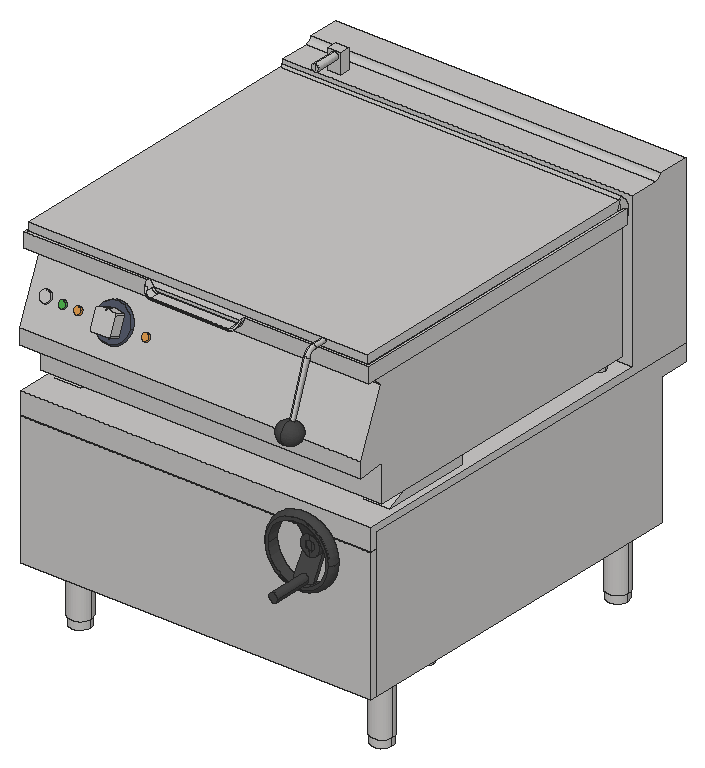
Revit family "QF_ZANUSSI_392423_Z9PPBSBAME", category Specialty Equipment, Revit 2018
Family settings
  Round Connector Dimension = Use Diameter
  Part Type = Normal
  Work Plane-Based = No
  Always vertical = Yes
  Cut with Voids When Loaded = No
  Shared = No
  Room Calculation Point = No
Parameters
  Width = 800 mm  # constant formula
  Weight in Pounds = 150  # constant formula
  Weight = 0.00 kg
  Watts = 250 VA  # 250 W
  Volts = 230 V  # constant formula
  URL Manufacturer = "http://www.zanussiprofessional.com"
  URL Cutsheet = "www.electrolux.com"
  URL = "http://www.zanussiprofessional.com"
  Type Mark [instance] = ""
  Steam Supply Size = 0"
  Steam Supply Minimum Pressure = 0.00 psi
  Steam Supply Maximum Pressure = 0.00 psi
  Steam Pounds per Hour = 0
  Status [instance] = ""
  Specification by User [instance] = ""
  Specification by Manufacturer = ""
  Show Logo [instance] = yes
  Show Clearance [instance] = yes
  Serial Number = ""
  Seismic Rating = ""
  SMACNA No = ""
  Revision Code [instance] = ""
  Refrigeration Suction Line Size = 0"
  Refrigeration Liquid Line Size = 0"
  Refrigerant Compressor Remote = yes
  Plumbing Remarks [instance] = ""
  Plumbing Connection Type [instance] = ""
  Phase = 1
  Omniclass Number and Title = ""
  Number of Poles [instance] = 1
  NAFEM Spec ID Number = ""
  Model = "Z9BRGHDOF0"
  Min Ckt Ampacity = 0 A
  Mechanical Remarks [instance] = ""
  Mechanical Connection Type [instance] = ""
  Max Overcurrent Protection = 0 A
  Masterspec = ""
  Manufacturer = "Zanussi"
  Length Actual = 800 mm  # constant formula
  Item Number [instance] = "392136"
  Installed By [instance] = ""
  Identify Quantity as Lot [instance] = yes
  Hot Water Size = 0"
  Height Actual = 850 mm  # constant formula
  Height = 850 mm  # constant formula
  HP = "0 HP"
  Gas Size = 12.7 mm  # 1/2"
  Gas RI Height [instance] = 0 mm
  Gas KW = 21  # constant formula
  Gas Input = 20980.7 VA  # 71589.0 Btu/h
  Gas Connection Height [instance] = 0 mm
  Furnished By [instance] = ""
  Foodservice Equipment Identifier [instance] = yes
  FL Amps = if(Phase = 3, Watts / (Volts * 1.73), Watts / Volts)  # 1.08696 A
  Electrical Remarks [instance] = "230 V/1N ph/50/60 Hz"  # constant formula
  Electric Connection Type [instance] = ""
  Elec Conn RI Height [instance] = 0 mm
  Elec Conn Connection Height [instance] = 0 mm
  Direct Waste Size = 0"
  Description = "80LT GAS BRAISING PAN-DUOMAT BOTTOM"
  Depth Actual = 900 mm  # constant formula
  Depth = 915 mm  # constant formula
  Cycle [instance] = if([60 Hertz Option], 60 Hz, 50 Hz)  # 60 Hz
  Conn Plug = ""
  Conn Conduit = yes
  Condensate Return Size = 0"
  Compressed Air Volume = 0 GPM
  Compressed Air Size = 0"
  Compressed Air Pressure = 0.00 psi
  Cold Water Temperature Recommended [instance] = -459.67 °F
  Cold Water Size = 3/4"
  Cold Water RI Height [instance] = 0 mm
  Cold Water Minimum Pressure = 0.00 psi
  Cold Water Maximum Pressure = 0.00 psi
  Cold Water Flow [instance] = 0 GPM
  Cold Water Consumption = ""
  Cold Water Connection Height = 0 mm
  CSI MasterFormat = ""
  CSI Master Format = ""
  Assembly Code = ""
  Apparent Power = if(Phase = 3, Volts * FL Amps * 1.73, Volts * FL Amps)  # 250 VA
  Accessory = yes
  60 Hertz Option [instance] = not([50 Hertz Option])  # yes
  50 Hertz Option [instance] = no
Reference planes
  plane 1 "BACK": y = 0
  plane 2: z = 0
  plane 3 "LEFT": x = 0
  plane 4 "RIGHT": x = 800
  plane 5 "FRONT": y = -915
  plane 6 "TOP": z = 898
  plane 7 "Center Y": x = 400
  plane 8 "Center X": y = -457.5
  plane 9 "Base": z = 149
  plane 10: z = 502.193
  plane 11: z = 1653
  plane 12: y = -125
  plane 13: y = -799
  plane 14: y = -1034
  plane 15: x = 55
  plane 16: y = -160.853
  plane 17: x = 745
  plane 18: y = -1014
  plane 19: y = -899.182
  plane 20: x = 786
  plane 21: z = 850
  plane 22 "Connection": z = 182
  plane 23: y = -706
  plane 24: x = 265
  plane 25: x = 105
  plane 26: x = 195
Forms (mm)
  Revolve 1, solid, material "QF_Finishes_Stainless Steel"
    sketch origin (0, -125, 0) x (1, 0, 0) y (0, 0, 1)
      loop
        line (55, 0) -> (55, 149) -> (29.6, 149) -> (29.6, 19.05) -> (32.1, 19.05) -> (32.1, 0) -> (55, 0)
      axis (55, 0) -> (55, 149)
    angle from 0 to 360
  Revolve 2, solid, material "QF_Finishes_Stainless Steel"
    sketch origin (0, -799, 0) x (1, 0, 0) y (0, 0, 1)
      loop
        line (55, 0) -> (55, 149) -> (29.6, 149) -> (29.6, 19.05) -> (32.1, 19.05) -> (32.1, 0) -> (55, 0)
      axis (55, 0) -> (55, 149)
    angle from 0 to 360
  Extrusion 3, solid, material "QF_Finishes_Stainless Steel"
    sketch origin (0, -214.682, 0) x (0, 1, 0) y (0, 0, 1)
      loop
        line (214.682, 487.193) -> (214.682, 866.248) -> (143.055, 866.248)
        arc (143.055, 866.248) -> (139.432, 857.502) -> (130.686, 853.88) r 12.368
        line (130.686, 853.88) -> (64.682, 853.88) -> (64.682, 502.193) -> (-684.5, 502.193) -> (-684.5, 452.193) -> (-669.5, 452.193) -> (-669.5, 487.193) -> (214.682, 487.193)
      loop
        line (-669.5, 149) -> (-669.5, 451.193) -> (-684.5, 451.193) -> (-684.5, 149) -> (-669.5, 149)
    from 0 to 800
  Extrusion 4, solid, material "QF_Finishes_Stainless Steel"
    sketch origin (0, -214.682, 0) x (0, 1, 0) y (0, 0, 1)
      loop
        line (44.029, 528.406) -> (44.029, 817.127) -> (-678.5, 817.127) -> (-678.5, 809.681) -> (-643.264, 774.446) -> (-700.318, 641.094) -> (-700.318, 606.094) -> (-640.765, 613.406) -> (-640.765, 528.406) -> (44.029, 528.406)
    from 10 to 790
  Sweep 5, solid, material "QF_Finishes_Stainless Steel"
    path origin (0, -204.882, 145) x (-1, 0, 0) y (0, -1, 0)
      loop
        line (-290, 694.3) -> (-5, 694.3) -> (-5, -44.029) -> (-795, -44.029) -> (-795, 694.3) -> (-510, 694.3)
    profile origin (652.5, -899.182, 145) x (0, -1, 0) y (0, 0, 1)
      loop
        line (-5, 651.359) -> (0, 651.359) -> (0, 685.301) -> (-6, 685.301) -> (-6, 681.062) -> (-5, 681.062) -> (-5, 651.359)
  Extrusion 6, solid, material "QF_Finishes_Stainless Steel"
    sketch origin (0, -214.682, -5) x (0, 1, 0) y (0, 0, 1)
      loop
        line (33.715, 835.301) -> (42.572, 855) -> (-677.138, 855) -> (-677.138, 835.301) -> (33.715, 835.301)
      loop
        arc (64.305, 837.022) -> (57.071, 850.749) -> (45.92, 861.539) r 49.182
        line (45.92, 861.539) -> (39.069, 846.301) -> (45.904, 846.301) -> (45.904, 832.604) -> (64.305, 814.204) -> (64.305, 837.022)
    from 12.363 to 787.637
  Extrusion 7, solid, material "QF_Finishes_Stainless Steel"
    sketch origin (0, -214.682, 0) x (0, 1, 0) y (0, 0, 1)
      loop
        line (-403.818, 528.406) -> (-556.057, 528.406) -> (-609.801, 502.193) -> (-403.818, 502.193) -> (-403.818, 528.406)
    from 16.63 to 76.513
  Extrusion 8, solid, material "QF_Finishes_Stainless Steel"
    sketch origin (0, -207.182, 150) x (-1, 0, 0) y (0, -1, 0)
      loop
        circle (-46.571, -17.496) r 15
      loop
        circle (-753.429, -17.496) r 15
    from 352.193 to 383.406
  Extrusion 9, solid, material "QF_Finishes_Stainless Steel"
    sketch origin (0, -64.682, 0) x (0, 1, 0) y (0, 0, 1)
      loop
        line (-43.387, 853.88) -> (-43.387, 898) -> (-67.444, 898) -> (-67.444, 853.88) -> (-43.387, 853.88)
    from 87.469 to 116.843
  Revolve 10, solid, material "QF_Finishes_Stainless Steel"
    sketch origin (103.25, -64.682, 0) x (0, 1, 0) y (0, 0, 1)
      loop
        line (-67.444, 888.097) -> (-67.444, 896.222) -> (-123.629, 896.222) -> (-123.629, 888.097) -> (-67.444, 888.097)
      axis (-123.629, 888.097) -> (-67.444, 888.097)
    angle from 0 to 360
  Extrusion 11, solid, material "QF_Clearances", visible <- "Show Clearance", detail levels coarse
    sketch origin (0, -214.682, 0) x (1, 0, 0) y (0, 1, 0)
      loop
        line (800, 214.682) -> (800, -700.318) -> (850, -700.318) -> (850, 264.682) -> (-50, 264.682) -> (-50, -700.318) -> (0, -700.318) -> (0, 214.682) -> (800, 214.682)
    from 0 to 898
  Extrusion 12, solid, material "QF_Finishes_Stainless Steel"
    sketch origin (800, 0, 0) x (0, 1, 0) y (0, 0, 1)
      loop
        line (-884.182, 149) -> (-69, 149) -> (-69, 448) -> (0, 448) -> (0, 487.193) -> (-884.182, 487.193) -> (-884.182, 149)
    from 0 to -800
  Revolve 13, solid, material "QF_Finishes_Stainless Steel"
    sketch origin (1000, -125, 0) x (-1, 0, 0) y (0, 0, -1)
      loop
        line (255, 0) -> (232.1, 0) -> (232.1, -19.05) -> (229.6, -19.05) -> (229.6, -149) -> (255, -149) -> (255, 0)
      axis (255, 0) -> (255, -149)
    angle from 0 to 360
  Revolve 14, solid, material "QF_Finishes_Stainless Steel"
    sketch origin (1000, -799, 0) x (-1, 0, 0) y (0, 0, -1)
      loop
        line (255, 0) -> (232.1, 0) -> (232.1, -19.05) -> (229.6, -19.05) -> (229.6, -149) -> (255, -149) -> (255, 0)
      axis (255, 0) -> (255, -149)
    angle from 0 to 360
  Sweep 15, solid, material "QF_Finishes_Stainless Steel"
    path origin (8.84, -214.682, -10) x (0, 1, 0) y (0, 0, 1)
      loop
        line (-677.138, 852.831) -> (-705.492, 852.831)
        arc (-705.492, 852.831) -> (-716.963, 849.214) -> (-724.286, 839.672) r 20
        line (-724.286, 839.672) -> (-765.322, 726.924)
    profile origin (8.84, -905.997, 842.831) x (0, 0, -1) y (1, 0, 0)
      loop
        circle (0, 676.16) r 5
  Revolve 16, solid, material "QF_Finishes_Black"
    sketch origin (685, -194.682, 0) x (0, 1, 0) y (0, 0, 1)
      loop
        line (-785.322, 716.924) -> (-792.738, 719.623)
        arc (-792.738, 719.623) -> (-818.978, 701.075) -> (-800.713, 674.638) r 22.845
        line (-800.713, 674.638) -> (-785.322, 716.924)
      axis (-785.322, 716.924) -> (-800.713, 674.638)
    angle from 0 to 360
  Extrusion 17, solid, material "QF_Finishes_Stainless Steel"
    sketch origin (800, -69, 149) x (-1, 0, 0) y (0, 1, 0)
      loop
        circle (14, -649.182) r 12.7
    from 0 to 5
  Extrusion 18, solid, material "QF_Finishes_Stainless Steel"
    sketch origin (-3.75, -899.182, 149) x (0, 0, 1) y (-1, 0, 0)
      loop
        circle (289.443, -688.75) r 30
    from 0 to 5
  Extrusion 19, solid, material "QF_Finishes_Stainless Steel"
    sketch origin (800, -214.682, 0) x (0, 1, 0) y (0, 0, -1)
      loop
        line (-403.818, -528.406) -> (-403.818, -502.193) -> (-609.801, -502.193) -> (-556.057, -528.406) -> (-403.818, -528.406)
    from 16.63 to 76.513
  Extrusion 20, solid, material "QF_Finishes_Stainless Steel"
    sketch origin (0, 0, 182) x (-1, 0, 0) y (0, -1, 0)
      loop
        circle (-105, 706) r 6.35
    from 0 to 45
  Extrusion 21, solid, material "QF_Finishes_Stainless Steel"
    sketch origin (21.213, 21.213, 182) x (-1, 0, 0) y (0, -1, 0)
      loop
        circle (-173.787, 719.213) r 6.35
    from 0 to 45
  Extrusion 22, solid, material "QF_Finishes_Stainless Steel"
    sketch origin (130, 0, 182) x (-1, 0, 0) y (0, -1, 0)
      loop
        circle (-135, 706) r 6.35
    from 0 to 45
  Revolve 23, solid, material "QF_Finishes_Black"
    sketch origin (685, -200.682, -28.57) x (0, 1, 0) y (0, 0, 1)
      loop
        line (-698.5, 467.193) -> (-698.5, 477.193) -> (-713.5, 477.193) -> (-713.5, 482.193) -> (-718.5, 482.193) -> (-718.5, 489.514) -> (-728.5, 489.514) -> (-728.5, 478.353) -> (-727.138, 478.353) -> (-727.138, 467.193) -> (-698.5, 467.193)
      axis (-698.5, 467.193) -> (-728.5, 467.193)
    angle from 0 to 360
  Sweep 24, solid, material "QF_Finishes_Black"
    path origin (10, -200.682, -28.57) x (1, 0, 0) y (0, 0, 1)
      loop
        circle (675, 467.193) r 80
    profile origin (685, -200.682, 518.623) x (0, 0, -1) y (0, -1, 0)
      loop
        arc (7.394, 765.784) -> (0.586, 756.102) -> (1.641, 744.313) r 17.21
        line (1.641, 744.313) -> (7.394, 740.784) -> (14.116, 740.784) -> (14.116, 765.784) -> (7.394, 765.784)
  Extrusion 25, solid, material "QF_Finishes_Black"
    sketch origin (10, -200.682, -28.57) x (0, 1, 0) y (0, 0, 1)
      loop
        line (-713.5, 457.193) -> (-713.5, 477.193) -> (-744.313, 533.065) -> (-751.622, 533.065) -> (-719.104, 474.103) -> (-719.104, 460.284) -> (-751.622, 401.321) -> (-744.313, 401.321) -> (-713.5, 457.193)
    from 654.029 to 698.392
  Extrusion 26, solid, material "QF_Finishes_Black"
    sketch origin (10, -200.682, -28.57) x (1, 0, 0) y (0, 0, 1)
      loop
        circle (675, 406.31) r 10
    from 742.86 to 833.318
  Extrusion 27, solid, material "QF_Finishes_Stainless Steel"
    sketch origin (0, -201.682, -15.905) x (1, 0, 0) y (0, 0, 1)
      loop
        line (509.996, 839.805) -> (509.996, 846.205) -> (502.677, 833.527)
        arc (502.677, 833.527) -> (496.674, 827.524) -> (488.474, 825.327) r 16.4
        line (488.474, 825.327) -> (311.526, 825.327)
        arc (311.526, 825.327) -> (303.32, 827.526) -> (297.312, 833.534) r 16.413
        line (297.312, 833.534) -> (289.996, 846.205) -> (289.996, 839.805) -> (294.541, 831.934)
        arc (294.541, 831.934) -> (301.72, 824.755) -> (311.526, 822.127) r 19.613
        line (311.526, 822.127) -> (488.474, 822.127)
        arc (488.474, 822.127) -> (498.274, 824.753) -> (505.448, 831.927) r 19.6
        line (505.448, 831.927) -> (509.996, 839.805)
    from 697.5 to 717.595
  Extrusion 28, void
    sketch origin (900, 188.397, 1219.2) x (0, -1, 0) y (0, 0, 1)
      loop
        line (1110.167, -415.736) -> (1110.167, -387.945) -> (1093.05, -387.945) -> (1110.167, -415.736)
    from 390 to 610
  Extrusion 29, solid, material "QF_Finishes_Orange"
    sketch origin (9.372, -901.482, 672.689) x (0, 0.393353, 0.919387) y (-1, 0, 0)
      loop
        circle (34.513, -113.251) r 8
    from 0 to 3.175
  Extrusion 30, solid, material "QF_Finishes_Green"
    sketch origin (14.068, -901.51, 672.624) x (0, 0.393353, 0.919387) y (-1, 0, 0)
      loop
        circle (34.513, -73.251) r 8
    from 0 to 3.175
  Extrusion 31, solid, material "QF_Finishes_Stainless Steel"
    sketch origin (10.937, -915, 641.094) x (0, 0.393353, 0.919387) y (-1, 0, 0)
      loop
        circle (71.473, -36.635) r 12.7
    from 0 to 3.2
  Extrusion 32, solid, material "QF_Finishes_Orange"
    sketch origin (164.372, -901.482, 672.689) x (0, 0.393353, 0.919387) y (-1, 0, 0)
      loop
        circle (34.513, -113.251) r 8
    from 0 to 3.175
  Extrusion 33, solid, material "QF_Clearances", visible <- "Show Clearance", detail levels coarse
    sketch origin (0, -996.643, 709.193) x (0, 0.238373, -0.971174) y (0, 0.971174, 0.238373)
      loop
        line (33.715, 835.301) -> (42.572, 855) -> (-677.138, 855) -> (-677.138, 835.301) -> (33.715, 835.301)
      loop
        arc (64.305, 837.022) -> (57.071, 850.749) -> (45.92, 861.539) r 49.182
        line (45.92, 861.539) -> (39.069, 846.301) -> (45.904, 846.301) -> (45.904, 832.604) -> (64.305, 814.204) -> (64.305, 837.022)
    from 12.363 to 787.637
  Sweep 34, solid, material "QF_Clearances", visible <- "Show Clearance", detail levels coarse
    path origin (8.84, -1001.499, 708.002) x (0, 0.238373, -0.971174) y (0, 0.971174, 0.238373)
      loop
        line (-677.138, 852.831) -> (-705.492, 852.831)
        arc (-705.492, 852.831) -> (-716.963, 849.214) -> (-724.286, 839.672) r 20
        line (-724.286, 839.672) -> (-765.322, 726.924)
    profile origin (8.84, -338.043, 1582.68) x (0, -0.971174, -0.238373) y (1, 0, 0)
      loop
        circle (0, 676.16) r 5
  Revolve 35, solid, material "QF_Clearances", visible <- "Show Clearance", detail levels coarse
    sketch origin (685, -987.02, 690.962) x (0, 0.238373, -0.971174) y (0, 0.971174, 0.238373)
      loop
        line (-785.322, 716.924) -> (-792.738, 719.623)
        arc (-792.738, 719.623) -> (-818.978, 701.075) -> (-800.713, 674.638) r 22.845
        line (-800.713, 674.638) -> (-785.322, 716.924)
      axis (-785.322, 716.924) -> (-800.713, 674.638)
    angle from 0 to 360
  Extrusion 36, solid, material "QF_Finishes_Stainless Steel"
    sketch origin (290, -899.182, 830.301) x (-1, 0, 0) y (0, 0, -1)
      loop
        line (0.004, 33.941) -> (-220, 33.941) -> (-220, -0.006) -> (-212.677, 12.678)
        arc (-212.677, 12.678) -> (-206.674, 18.681) -> (-198.474, 20.878) r 16.4
        line (-198.474, 20.878) -> (-21.526, 20.878)
        arc (-21.526, 20.878) -> (-13.32, 18.679) -> (-7.312, 12.672) r 16.413
        line (-7.312, 12.672) -> (0.004, 0) -> (0.004, 33.941)
    from 0 to -6
  Extrusion 37, solid, material "QF_Plastic-Black-Matte"
    sketch origin (145.417, -886.473, 707.77) x (0, 0.393353, 0.919387) y (0, 0.919387, -0.393353)
      loop
        line (26.984, -34) -> (23.984, -34) -> (23.984, -35) -> (26.984, -35)
        arc (26.984, -35) -> (27.691, -34.707) -> (27.984, -34) r 1
        line (27.984, -34) -> (27.984, -19) -> (26.984, -19) -> (26.984, -34)
    from -58.5 to -56.5
  Extrusion 38, solid, material "QF_Finishes_Stainless Steel"
    sketch origin (202.917, -886.473, 707.77) x (-1, 0, 0) y (0, -0.393353, -0.919387)
      loop
        line (17.5, -17.5) -> (17.5, 17.5) -> (-17.5, 17.5) -> (-17.5, -17.5) -> (17.5, -17.5)
    from 5 to 10
  Extrusion 39, solid, material "QF_Finishes_Stainless Steel"
    sketch origin (202.917, -886.473, 707.77) x (-1, 0, 0) y (0, -0.393353, -0.919387)
      loop
        arc (-21.147, -22.789) -> (0, -26.984) -> (21.147, -22.789) r 55.4
        arc (21.147, -22.789) -> (22.494, -21.685) -> (23, -20.019) r 2.997
        line (23, -20.019) -> (23, 20.019)
        arc (23, 20.019) -> (22.122, 22.138) -> (20.003, 23.016) r 2.997
        line (20.003, 23.016) -> (-20.003, 23.016)
        arc (-20.003, 23.016) -> (-22.122, 22.138) -> (-23, 20.019) r 2.997
        line (-23, 20.019) -> (-23, -20.019)
        arc (-23, -20.019) -> (-22.494, -21.685) -> (-21.147, -22.789) r 2.997
    from 10 to 34
  Blend 40, solid, material "QF_Finishes_Navy Blue"
    base sketch origin (202.917, -886.473, 707.77) x (1, 0, 0) y (0, 0.393353, 0.919387)
      loop
        circle (0, 0) r 42.5
    top sketch origin (202.917, -886.473, 707.77) x (1, 0, 0) y (0, 0.393353, 0.919387)
      loop
        circle (0, 0) r 40.5
    from 0 to 5
Cuts and joins
  Extrusion 28 cuts Extrusion 27
  joined: Sweep 5, Extrusion 27, Extrusion 36
Lines and regions (mm)
  Split face 1
    outline origin (202.917, -891.07, 709.737) x (1, 0, 0) y (0, 0.393353, 0.919387)
      loop
        arc (-0.521, 36.501) -> (-26.491, 26.394) -> (-37.708, 0.884) r 36.411
        line (-37.708, 0.884) -> (-31.708, 0.884)
        arc (-31.708, 0.884) -> (-21.998, 23.844) -> (-0.521, 36.501) r 39.733
  Split face 2
    outline origin (202.917, -891.07, 709.737) x (1, 0, 0) y (0, 0.393353, 0.919387)
      loop
        circle (-30.633, -14.752) r 1.5
  Split face 3
    outline origin (202.917, -891.07, 709.737) x (1, 0, 0) y (0, 0.393353, 0.919387)
      loop
        circle (-21.199, -26.582) r 1.5
  Split face 4
    outline origin (202.917, -891.07, 709.737) x (1, 0, 0) y (0, 0.393353, 0.919387)
      loop
        circle (-7.566, -33.148) r 1.5
  Split face 5
    outline origin (202.917, -891.07, 709.737) x (1, 0, 0) y (0, 0.393353, 0.919387)
      loop
        circle (7.566, -33.148) r 1.5
  Split face 6
    outline origin (202.917, -891.07, 709.737) x (1, 0, 0) y (0, 0.393353, 0.919387)
      loop
        circle (21.199, -26.582) r 1.5
  Split face 7
    outline origin (202.917, -891.07, 709.737) x (1, 0, 0) y (0, 0.393353, 0.919387)
      loop
        circle (30.633, -14.752) r 1.5
  Split face 8
    outline origin (202.917, -891.07, 709.737) x (1, 0, 0) y (0, 0.393353, 0.919387)
      loop
        circle (34, 0) r 1.5
  Split face 9
    outline origin (202.917, -891.07, 709.737) x (1, 0, 0) y (0, -0.393353, -0.919387)
      loop
        circle (30.633, -14.752) r 1.5
  Split face 10
    outline origin (202.917, -891.07, 709.737) x (1, 0, 0) y (0, -0.393353, -0.919387)
      loop
        circle (21.199, -26.582) r 1.5
  symbolic lines
    curve 1: line (10, -915, 149) -> (179.917, -915, 149)
    curve 2: line (0, -899.182, 149) -> (280.622, -899.182, 149)
    curve 3: line (5, -160.853, 149) -> (5, -899.182, 149)
    curve 4: line (0, 0, 149) -> (0, -899.182, 149)
    curve 5: line (800, -899.182, 149) -> (800, 0, 149)
    curve 6: line (5, -160.853, 149) -> (95.125, -160.853, 149)
    curve 7: line (789, -171.653, 149) -> (111.375, -171.653, 149)
    curve 8: line (0, -71.628, 149) -> (800, -71.628, 149)
    curve 9: line (111.375, -160.853, 149) -> (795, -160.853, 149)
    curve 10: line (95.125, -172.111, 149) -> (12.363, -172.111, 149)
    curve 11: line (90.942, -172.111, 149) -> (90.942, -192.672, 149)
    curve 12: line (117.192, -171.653, 149) -> (117.192, -192.672, 149)
    curve 13: arc (90.942, -192.672, 149) -> (104.067, -205.797, 149) -> (117.192, -192.672, 149) r 13.125
    curve 14: line (504.543, -915, 149) -> (680, -915, 149)
    curve 15: line (12.363, -891.82, 149) -> (787.637, -891.82, 149)
    curve 16: line (0, 0, 149) -> (800, 0, 149)
    curve 20: line (680, -980.005, 149) -> (680, -891.82, 149)
    curve 21: line (690, -980.005, 149) -> (690, -891.82, 149)
    curve 22: spline (685, -987.42, 149) -> (686.603, -987.265, 149) -> (688.14, -986.808, 149) -> (689.545, -986.066, 149) -> (690.761, -985.072, 149) -> (691.737, -983.866, 149) -> (692.431, -982.499, 149) -> (692.815, -981.028, 149) -> (692.874, -979.515, 149) -> (692.604, -978.022, 149) -> (692.016, -976.611, 149) -> (691.136, -975.342, 149) -> (690, -974.268, 149)
    curve 23: spline (690, -980.005, 149) -> (689.957, -980.618, 149) -> (689.83, -981.221, 149) -> (689.619, -981.803, 149) -> (689.33, -982.354, 149) -> (688.967, -982.865, 149) -> (688.536, -983.327, 149) -> (688.044, -983.732, 149) -> (687.5, -984.074, 149) -> (686.913, -984.345, 149) -> (686.294, -984.543, 149) -> (685.653, -984.663, 149) -> (685, -984.703, 149)
    curve 24: spline (685, -984.703, 149) -> (684.347, -984.663, 149) -> (683.706, -984.543, 149) -> (683.087, -984.345, 149) -> (682.5, -984.074, 149) -> (681.956, -983.732, 149) -> (681.464, -983.327, 149) -> (681.033, -982.865, 149) -> (680.67, -982.354, 149) -> (680.381, -981.803, 149) -> (680.17, -981.221, 149) -> (680.043, -980.618, 149) -> (680, -980.005, 149)
    curve 25: spline (680, -974.268, 149) -> (678.864, -975.342, 149) -> (677.984, -976.611, 149) -> (677.396, -978.022, 149) -> (677.126, -979.515, 149) -> (677.185, -981.028, 149) -> (677.569, -982.499, 149) -> (678.263, -983.866, 149) -> (679.239, -985.072, 149) -> (680.455, -986.066, 149) -> (681.86, -986.808, 149) -> (683.397, -987.265, 149) -> (685, -987.42, 149)
    curve 26: line (95.125, -188.311, 149) -> (111.375, -188.311, 149)
    curve 27: line (95.125, -132.127, 149) -> (95.125, -188.311, 149)
    curve 28: line (111.375, -188.311, 149) -> (111.375, -132.127, 149)
    curve 29: line (87.469, -132.127, 149) -> (116.843, -132.127, 149)
    curve 30: line (87.469, -108.069, 149) -> (87.469, -132.127, 149)
    curve 31: line (116.843, -108.069, 149) -> (87.469, -108.069, 149)
    curve 32: line (116.843, -132.127, 149) -> (116.843, -108.069, 149)
    curve 33: arc (680, -961.314, 149) -> (685, -1014, 149) -> (690, -961.314, 149) r 26.58
    curve 34: line (695, -1034, 182) -> (695, -1012.047, 182)
    curve 35: line (675, -1034, 182) -> (675, -1012.047, 182)
    curve 36: line (675, -1034, 182) -> (695, -1034, 182)
    curve 37: line (757.606, -966.466, 182) -> (701.354, -966.466, 182)
    curve 38: line (612.394, -941.466, 182) -> (680, -941.466, 182)
    curve 39: line (606.641, -944.996, 182) -> (680, -944.996, 182)
    curve 40: arc (763.359, -944.996, 182) -> (764.431, -956.789, 182) -> (757.606, -966.466, 182) r 17.151
    curve 41: line (757.606, -941.466, 182) -> (763.359, -944.996, 182)
    curve 42: line (708.392, -915, 182) -> (708.392, -941.466, 182)
    curve 43: line (664.029, -941.466, 182) -> (664.029, -915, 182)
    curve 44: arc (606.641, -944.996, 182) -> (605.569, -956.789, 182) -> (612.394, -966.466, 182) r 17.151
    curve 45: line (612.394, -941.466, 182) -> (606.641, -944.996, 182)
    curve 46: line (690, -944.996, 182) -> (763.359, -944.996, 182)
    curve 47: line (690, -941.466, 182) -> (757.606, -941.466, 182)
    curve 48: line (612.394, -966.466, 182) -> (668.646, -966.466, 182)
    curve 49: line (0, -150, 182) -> (95.125, -150, 182)
    curve 50: line (800, -150, 182) -> (111.375, -150, 182)
    curve 51: line (12.363, -891.82, 149) -> (12.363, -172.111, 149)
    curve 52: line (787.637, -891.82, 149) -> (787.637, -171.653, 149)
    curve 53: line (790, -915, 182) -> (790, -899.182, 182)
    curve 54: line (10, -899.182, 182) -> (10, -915, 182)
    curve 55: line (795, -160.853, 149) -> (795, -899.182, 149)
    curve 56: line (225.917, -915, 149) -> (295.414, -915, 149)
    curve 57: line (519.371, -899.182, 182) -> (505.448, -914.035, 182)
    curve 58: spline (505.442, -914.033, 182) -> (504.902, -914.595, 182) -> (504.301, -915.14, 182) -> (503.641, -915.666, 182) -> (502.924, -916.17, 182) -> (502.153, -916.653, 182) -> (501.331, -917.111, 182) -> (500.459, -917.544, 182) -> (499.542, -917.95, 182) -> (498.582, -918.327, 182) -> (497.581, -918.675, 182) -> (496.544, -918.992, 182) -> (495.475, -919.277, 182)
    curve 59: line (304.523, -919.277, 182) -> (495.475, -919.277, 182)
    curve 60: line (294.541, -914.031, 182) -> (280.622, -899.182, 182)
    curve 61: spline (304.523, -919.277, 182) -> (303.452, -918.992, 182) -> (302.414, -918.675, 182) -> (301.413, -918.327, 182) -> (300.452, -917.949, 182) -> (299.534, -917.543, 182) -> (298.662, -917.11, 182) -> (297.838, -916.651, 182) -> (297.067, -916.168, 182) -> (296.35, -915.663, 182) -> (295.689, -915.137, 182) -> (295.087, -914.592, 182) -> (294.547, -914.029, 182)
    curve 62: line (519.371, -899.182, 149) -> (680, -899.182, 149)
    curve 63: line (690, -899.182, 149) -> (800, -899.182, 149)
    curve 64: line (690, -915, 149) -> (790, -915, 149)
    curve 65: line (179.917, -899.196, 0) -> (179.917, -925.453, 0)
    curve 66: arc (179.917, -925.453, 0) -> (180.063, -925.917, 0) -> (180.449, -926.213, 0) r 0.809
    curve 67: arc (180.449, -926.213, 0) -> (181.637, -926.693, 0) -> (182.915, -926.786, 0) r 4.127
    curve 68: arc (179.917, -910.086, 0) -> (180.419, -909.365, 0) -> (181.217, -908.995, 0) r 1.682
    curve 69: arc (181.217, -908.995, 0) -> (191.519, -907.497, 0) -> (201.917, -906.988, 0) r 109.079
    curve 70: line (201.917, -899.182, 0) -> (201.917, -909.218, 0)
    curve 71: line (201.917, -909.218, 0) -> (203.917, -909.218, 0)
    curve 72: line (203.917, -909.218, 0) -> (203.917, -899.218, 0)
    curve 73: line (225.917, -899.182, 0) -> (225.917, -925.453, 0)
    curve 74: arc (225.917, -925.453, 0) -> (225.771, -925.917, 0) -> (225.385, -926.213, 0) r 0.809
    curve 75: arc (225.385, -926.213, 0) -> (224.197, -926.693, 0) -> (222.92, -926.786, 0) r 4.127
    curve 76: arc (225.917, -910.086, 0) -> (225.415, -909.365, 0) -> (224.618, -908.995, 0) r 1.682
    curve 77: arc (224.618, -908.995, 0) -> (214.315, -907.497, 0) -> (203.917, -906.988, 0) r 109.079
    curve 78: line (182.915, -926.786, 0) -> (222.92, -926.786, 0)
    curve 79: spline (225.917, -904.183, 0) -> (227.104, -903.848, 0) -> (228.259, -903.497, 0) -> (229.381, -903.13, 0) -> (230.469, -902.747, 0) -> (231.521, -902.348, 0) -> (232.535, -901.936, 0) -> (233.512, -901.509, 0) -> (234.448, -901.068, 0) -> (235.344, -900.615, 0) -> (236.197, -900.149, 0) -> (237.007, -899.671, 0) -> (237.773, -899.182, 0)
    curve 80: spline (168.061, -899.182, 0) -> (168.827, -899.671, 0) -> (169.637, -900.149, 0) -> (170.491, -900.615, 0) -> (171.386, -901.068, 0) -> (172.323, -901.509, 0) -> (173.299, -901.936, 0) -> (174.314, -902.348, 0) -> (175.366, -902.747, 0) -> (176.453, -903.13, 0) -> (177.576, -903.497, 0) -> (178.731, -903.848, 0) -> (179.917, -904.183, 0)
  symbolic lines, style "QF_Clearances", visible <- "Show Clearance", detail levels coarse
    curve 17: line (-50, 50, 150) -> (-50, -918.182, 150)
    curve 18: line (850, 50, 150) -> (850, -915, 150)
    curve 19: line (850, 50, 150) -> (-50, 50, 150)
Dimensions and locks
  equal spacing: plane 3 "LEFT", plane 7 "Center Y", plane 4 "RIGHT"
  "Width": plane 3 "LEFT" to plane 4 "RIGHT"
  equal spacing: plane 5 "FRONT", plane 8 "Center X", plane 1 "BACK"
  "Depth": plane 5 "FRONT" to plane 1 "BACK"
  "Height": plane 21 to level
  plane 9 "Base" to level = 149 mm
  plane 11 to level = 1653 mm
  plane 11 to plane 2 = 1653 mm
  plane 9 "Base" to plane 2 = 149 mm
  plane 13 to plane 12 = 674 mm
  plane 5 "FRONT" to plane 1 "BACK" = 915 mm
  plane 1 "BACK" to plane 14 = 1034 mm  (x2)
  plane 6 "TOP" to plane 2 = 898 mm
  plane 14 to plane 1 "BACK" = 1034 mm
  plane 4 "RIGHT" to plane 17 to plane 15 to plane 3 "LEFT" = 55 mm, 690 mm, 55 mm
  plane 1 "BACK" to plane 18 = 1014 mm
  Extrusion 12 to plane 1 "BACK" = 69 mm
  Extrusion 6 to plane 9 "Base" = 701 mm
  plane 2 to Extrusion 12 = 448 mm
  Extrusion 3 to plane 13 = 100.182 mm
  plane 12 to Extrusion 12 = 56 mm
  plane 4 "RIGHT" to plane 20 = 14 mm
  plane 21 to plane 9 "Base" to level = 701 mm, 149 mm
  plane 1 "BACK" to Extrusion 12 = 69 mm
  Extrusion 12 to plane 12 = 56 mm
  plane 12 to plane 13 = 674 mm
  plane 13 to Extrusion 3 = 100.182 mm
  Extrusion 12 to level = 448 mm
  plane 6 "TOP" to level = 898 mm
  plane 22 "Connection" to level = 182 mm
  plane 1 "BACK" to plane 23 = 706 mm
  plane 3 "LEFT" to Extrusion 20 sketch curve = 105 mm
  Extrusion 21 sketch curve to plane 1 "BACK" = 698 mm
  plane 3 "LEFT" to Extrusion 21 sketch curve = 195 mm
  Extrusion 21 to plane 1 "BACK" = 698 mm
  plane 3 "LEFT" to Extrusion 22 sketch curve = 265 mm
  plane 3 "LEFT" to plane 25 = 105 mm
  plane 3 "LEFT" to plane 26 = 195 mm
  plane 3 "LEFT" to plane 24 = 265 mm
  Extrusion 3 to Extrusion 17 = 181 mm
  Extrusion 17 to Extrusion 3 = 181 mm
  aligned and locked: level to plane 2
  aligned and locked: Extrusion 12 to plane 3 "LEFT"
Automatic sketch dimensions
  plane 5 "FRONT" to curve 18 = 0 mm
  plane 4 "RIGHT" to curve 18 = 50 mm
  plane 5 "FRONT" to curve 17 = 3.182 mm
  curve 17 to plane 3 "LEFT" = 50 mm
  curve 17 to plane 1 "BACK" = 50 mm
  Revolve 1 sketch curve to plane 9 "Base" = 0 mm  (x2)
  Revolve 1 sketch curve to level = 0 mm
  Revolve 1 sketch curve to plane 15 = 0 mm  (x2)
  Revolve 1 sketch curve to Revolve 1 sketch curve = 22.9 mm
  Revolve 1 sketch curve to Revolve 1 sketch curve = 2.5 mm
  level to Revolve 1 sketch curve = 19.05 mm
  Revolve 1 sketch curve to plane 22 "Connection" = 13 mm
  Revolve 2 sketch curve to plane 9 "Base" = 0 mm  (x2)
  Revolve 2 sketch curve to level = 0 mm
  Revolve 2 sketch curve to plane 15 = 0 mm  (x2)
  Revolve 2 sketch curve to Revolve 2 sketch curve = 22.9 mm
  Revolve 2 sketch curve to Revolve 2 sketch curve = 2.5 mm
  level to Revolve 2 sketch curve = 19.05 mm
  Revolve 2 sketch curve to plane 22 "Connection" = 13 mm
  Extrusion 3 sketch curve to plane 10 = 0 mm
  Extrusion 3 sketch curve to plane 9 "Base" = 0 mm
  Extrusion 3 sketch curve to plane 1 "BACK" = 0 mm
  plane 21 to Extrusion 3 sketch curve = 16.248 mm
  plane 12 to Extrusion 3 sketch curve = 53.372 mm
  Extrusion 3 sketch curve to Extrusion 3 sketch curve = 12.368 mm
  Extrusion 3 sketch curve to plane 12 = 25 mm
  Extrusion 3 sketch curve to plane 5 "FRONT" = 30.818 mm  (x2)
  Extrusion 3 sketch curve to plane 10 = 15 mm
  Extrusion 3 sketch curve to Extrusion 3 sketch curve = 15 mm
  Extrusion 3 sketch curve to plane 5 "FRONT" = 15.818 mm
  Extrusion 3 sketch curve to Extrusion 3 sketch curve = 36 mm
  Extrusion 3 sketch curve to Extrusion 3 sketch curve = 1 mm
  Extrusion 4 sketch curve to plane 5 "FRONT" = 0 mm
  Extrusion 4 sketch curve to plane 5 "FRONT" = 21.818 mm
  Extrusion 4 sketch curve to Extrusion 4 sketch curve = 35.236 mm
  plane 10 to Extrusion 4 sketch curve = 26.213 mm
  Extrusion 4 sketch curve to plane 13 = 56.447 mm
  Extrusion 4 sketch curve to plane 12 = 45.653 mm
  Extrusion 4 sketch curve to Extrusion 4 sketch curve = 77.688 mm
  Extrusion 4 sketch curve to Extrusion 4 sketch curve = 7.312 mm
  Extrusion 4 sketch curve to Extrusion 4 sketch curve = 35 mm
  Extrusion 4 sketch curve to plane 21 = 75.554 mm
  Extrusion 4 sketch curve to plane 21 = 40.319 mm
  Extrusion 4 sketch curve to plane 21 = 32.873 mm
  plane 16 to Sweep 5 sketch curve = 0 mm
  Sweep 5 sketch curve to plane 4 "RIGHT" = 5 mm
  Sweep 5 sketch curve to plane 5 "FRONT" = 15.818 mm  (x2)
  plane 7 "Center Y" to Sweep 5 sketch curve = 110 mm
  Sweep 5 sketch curve to plane 24 = 25 mm
  plane 3 "LEFT" to Sweep 5 sketch curve = 5 mm
  Sweep 5 sketch curve to profile plane = 0 mm
  profile plane to Sweep 5 sketch curve = 5 mm
  Sweep 5 sketch curve to Sweep 5 sketch curve = 1 mm
  profile plane to Sweep 5 sketch curve = 651.359 mm
  Sweep 5 sketch curve to Sweep 5 sketch curve = 29.703 mm
  Sweep 5 sketch curve to Sweep 5 sketch curve = 4.238 mm
  Extrusion 6 sketch curve to plane 21 = 0 mm
  Extrusion 6 sketch curve to plane 5 "FRONT" = 23.18 mm
  Extrusion 6 sketch curve to plane 21 = 33.757 mm
  Extrusion 6 sketch curve to plane 12 = 71.96 mm
  Extrusion 6 sketch curve to plane 21 = 19.699 mm
  Extrusion 6 sketch curve to Extrusion 6 sketch curve = 15.993 mm
  Extrusion 6 sketch curve to plane 21 = 8.699 mm
  Extrusion 6 sketch curve to Extrusion 6 sketch curve = 5.354 mm
  Extrusion 6 sketch curve to Extrusion 6 sketch curve = 3.503 mm
  Extrusion 6 sketch curve to Extrusion 6 sketch curve = 12.189 mm
  Extrusion 6 sketch curve to Extrusion 6 sketch curve = 3.348 mm
  Extrusion 6 sketch curve to Extrusion 6 sketch curve = 18.4 mm
  Extrusion 6 sketch curve to Extrusion 6 sketch curve = 32.097 mm
  Extrusion 6 sketch curve to Extrusion 6 sketch curve = 2.697 mm
  Extrusion 6 sketch curve to plane 21 = 17.978 mm
  Extrusion 7 sketch curve to plane 10 = 0 mm
  Extrusion 7 sketch curve to plane 13 = 25.484 mm
  plane 13 to Extrusion 7 sketch curve = 28.261 mm
  plane 23 to Extrusion 7 sketch curve = 87.5 mm
  plane 10 to Extrusion 7 sketch curve = 26.213 mm
  Extrusion 8 sketch curve to plane 17 = 8.429 mm
  Extrusion 8 sketch curve to plane 15 = 8.429 mm
  Extrusion 8 sketch curve to plane 12 = 64.686 mm  (x2)
  Extrusion 9 sketch curve to plane 6 "TOP" = 0 mm
  Extrusion 9 sketch curve to plane 12 = 7.127 mm
  plane 12 to Extrusion 9 sketch curve = 16.931 mm
  plane 21 to Extrusion 9 sketch curve = 3.88 mm
  Revolve 10 sketch curve to plane 6 "TOP" = 9.903 mm
  Revolve 10 sketch curve to plane 12 = 63.311 mm
  Revolve 10 sketch curve to plane 12 = 7.127 mm
  Revolve 10 sketch curve to Revolve 10 sketch curve = 0 mm  (x2)
  plane 12 to Revolve 10 sketch curve = 1.394 mm
  Revolve 10 sketch curve to plane 6 "TOP" = 1.778 mm
  plane 5 "FRONT" to Extrusion 11 sketch curve = 0 mm  (x2)
  Extrusion 11 sketch curve to plane 3 "LEFT" = 0 mm
  plane 1 "BACK" to Extrusion 11 sketch curve = 0 mm
  Extrusion 11 sketch curve to plane 4 "RIGHT" = 0 mm
  Extrusion 11 sketch curve to plane 3 "LEFT" = 50 mm
  plane 4 "RIGHT" to Extrusion 11 sketch curve = 50 mm
  Extrusion 11 sketch curve to plane 1 "BACK" = 50 mm
  Extrusion 12 sketch curve to plane 9 "Base" = 0 mm
  Extrusion 12 sketch curve to plane 1 "BACK" = 0 mm
  plane 12 to Extrusion 12 sketch curve = 56 mm
  Extrusion 12 sketch curve to plane 5 "FRONT" = 30.818 mm
  Extrusion 12 sketch curve to plane 10 = 54.193 mm
  Extrusion 12 sketch curve to plane 10 = 15 mm
  Revolve 13 sketch curve to plane 9 "Base" = 0 mm  (x2)
  Revolve 13 sketch curve to level = 0 mm
  plane 17 to Revolve 13 sketch curve = 0 mm  (x2)
  Revolve 13 sketch curve to plane 20 = 18.1 mm
  Revolve 13 sketch curve to Revolve 13 sketch curve = 2.5 mm
  Revolve 13 sketch curve to plane 22 "Connection" = 13 mm
  level to Revolve 13 sketch curve = 19.05 mm
  Revolve 14 sketch curve to plane 9 "Base" = 0 mm  (x2)
  Revolve 14 sketch curve to level = 0 mm
  plane 17 to Revolve 14 sketch curve = 0 mm  (x2)
  Revolve 14 sketch curve to plane 20 = 18.1 mm
  Revolve 14 sketch curve to Revolve 14 sketch curve = 2.5 mm
  Revolve 14 sketch curve to plane 22 "Connection" = 13 mm
  level to Revolve 14 sketch curve = 19.05 mm
  plane 18 to Sweep 15 sketch curve = 33.995 mm
  plane 5 "FRONT" to Sweep 15 sketch curve = 23.968 mm
  plane 5 "FRONT" to Sweep 15 sketch curve = 5.174 mm
  Sweep 15 sketch curve to plane 21 = 7.169 mm
  Sweep 15 sketch curve to plane 5 "FRONT" = 23.18 mm
  Sweep 15 sketch curve to plane 21 = 20.328 mm
  Sweep 15 sketch curve to Sweep 15 sketch curve = 112.748 mm
  Sweep 15 sketch curve to profile plane = 0 mm
  profile plane to Sweep 15 sketch curve = 676.16 mm
  plane 18 to Revolve 16 sketch curve = 18.604 mm
  Revolve 16 sketch curve to Revolve 16 sketch curve = 0 mm  (x4)
  plane 18 to Revolve 16 sketch curve = 22.834 mm
  Revolve 16 sketch curve to Revolve 16 sketch curve = 3.746 mm
  Revolve 16 sketch curve to Revolve 16 sketch curve = 7.415 mm
  plane 10 to Revolve 16 sketch curve = 172.444 mm
  Revolve 16 sketch curve to Revolve 16 sketch curve = 22.45 mm
  Extrusion 17 sketch curve to Extrusion 12 = 14 mm
  Extrusion 17 sketch curve to Extrusion 12 = 166 mm
  Extrusion 18 sketch curve to Extrusion 3 = 12.75 mm
  Extrusion 3 to Extrusion 18 sketch curve = 115 mm
  plane 10 to Extrusion 19 sketch curve = 0 mm
  Extrusion 19 sketch curve to plane 13 = 25.484 mm
  plane 13 to Extrusion 19 sketch curve = 28.261 mm
  plane 23 to Extrusion 19 sketch curve = 87.5 mm
  plane 10 to Extrusion 19 sketch curve = 26.213 mm
  Extrusion 20 sketch curve to plane 23 = 0 mm
  Extrusion 22 sketch curve to plane 23 = 0 mm
  plane 5 "FRONT" to Revolve 23 sketch curve = 29.182 mm
  plane 5 "FRONT" to Revolve 23 sketch curve = 14.182 mm
  Revolve 23 sketch curve to Revolve 23 sketch curve = 0 mm  (x2)
  Revolve 23 sketch curve to Revolve 23 sketch curve = 1.362 mm
  plane 5 "FRONT" to Revolve 23 sketch curve = 4.182 mm
  Revolve 23 sketch curve to plane 5 "FRONT" = 0.818 mm
  Revolve 23 sketch curve to Revolve 23 sketch curve = 15 mm
  Revolve 23 sketch curve to plane 10 = 63.57 mm
  Revolve 23 sketch curve to Revolve 23 sketch curve = 10 mm
  Revolve 23 sketch curve to Revolve 23 sketch curve = 11.16 mm
  Revolve 23 sketch curve to Revolve 23 sketch curve = 5 mm
  Revolve 23 sketch curve to Revolve 23 sketch curve = 7.32 mm
  plane 17 to Sweep 24 sketch curve = 60 mm
  Sweep 24 sketch curve to plane 10 = 63.57 mm
  Sweep 24 sketch curve to profile plane = 1.641 mm
  Sweep 24 sketch curve to profile plane = 7.394 mm
  Sweep 24 sketch curve to Sweep 24 sketch curve = 5.753 mm
  Sweep 24 sketch curve to Sweep 24 sketch curve = 6.722 mm
  Sweep 24 sketch curve to Sweep 24 sketch curve = 3.093 mm
  profile plane to Sweep 24 sketch curve = 740.784 mm
  Sweep 24 sketch curve to Sweep 24 sketch curve = 3.53 mm
  Sweep 24 sketch curve to Sweep 24 sketch curve = 10.864 mm
  plane 10 to Extrusion 25 sketch curve = 2.302 mm
  plane 5 "FRONT" to Extrusion 25 sketch curve = 37.304 mm  (x2)
  Extrusion 25 sketch curve to Extrusion 25 sketch curve = 7.309 mm  (x2)
  plane 5 "FRONT" to Extrusion 25 sketch curve = 4.786 mm
  Extrusion 25 sketch curve to plane 5 "FRONT" = 0.818 mm
  Extrusion 25 sketch curve to plane 10 = 53.57 mm
  Extrusion 25 sketch curve to Extrusion 25 sketch curve = 3.091 mm  (x2)
  Extrusion 25 sketch curve to Extrusion 25 sketch curve = 13.819 mm
  Extrusion 25 sketch curve to Extrusion 25 sketch curve = 58.963 mm
  plane 17 to Extrusion 26 sketch curve = 60 mm
  Extrusion 26 sketch curve to plane 10 = 124.454 mm
  curve 50 to plane 4 "RIGHT" = 0 mm
  plane 5 "FRONT" to curve 53 = 0 mm
  plane 5 "FRONT" to curve 42 = 0 mm
  curve 36 to plane 14 = 0 mm
  plane 5 "FRONT" to curve 43 = 0 mm
  plane 5 "FRONT" to curve 54 = 0 mm
  curve 49 to plane 3 "LEFT" = 0 mm
  plane 20 to curve 53 = 4 mm
  curve 46 to plane 17 = 18.359 mm
  curve 37 to plane 17 = 12.606 mm
  curve 40 to curve 41 = 5.753 mm
  curve 40 to plane 17 = 2.864 mm
  plane 17 to curve 42 = 36.608 mm
  curve 42 to curve 37 = 7.038 mm
  plane 18 to curve 34 = 1.953 mm
  curve 37 to curve 34 = 6.354 mm
  curve 42 to curve 46 = 18.392 mm
  curve 47 to curve 46 = 0 mm
  curve 47 to curve 38 = 10 mm
  curve 39 to curve 38 = 0 mm
  plane 18 to curve 35 = 1.953 mm
  curve 34 to curve 35 = 20 mm
  curve 39 to curve 48 = 11.354 mm
  curve 38 to curve 43 = 15.971 mm
  curve 43 to curve 44 = 41.894 mm
  curve 44 to curve 38 = 9.742 mm
  curve 44 to curve 48 = 9.742 mm
  curve 38 to curve 44 = 5.753 mm
  curve 57 to plane 5 "FRONT" = 15.818 mm
  curve 44 to curve 57 = 87.27 mm
  curve 58 to plane 5 "FRONT" = 5.606 mm
  curve 57 to curve 58 = 11.958 mm
  curve 57 to plane 5 "FRONT" = 0.965 mm
  curve 58 to curve 57 = 1.965 mm
  curve 57 to curve 58 = 0.006 mm
  plane 5 "FRONT" to curve 58 = 4.277 mm
  curve 58 to curve 58 = 9.968 mm
  curve 59 to curve 58 = 8.908 mm
  curve 61 to plane 5 "FRONT" = 5.613 mm
  curve 61 to plane 24 = 48.434 mm
  curve 61 to curve 59 = 8.911 mm
  curve 61 to plane 5 "FRONT" = 0.971 mm
  curve 61 to curve 61 = 9.976 mm
  curve 60 to plane 5 "FRONT" = 0.969 mm
  curve 61 to curve 60 = 0.006 mm
  curve 60 to plane 24 = 15.622 mm
  curve 50 to plane 25 = 6.375 mm
  plane 25 to curve 49 = 9.875 mm
  plane 3 "LEFT" to curve 54 = 10 mm
  curve 60 to curve 61 = 10.205 mm
  curve 54 to plane 5 "FRONT" = 15.818 mm
  curve 53 to plane 5 "FRONT" = 15.818 mm
  curve 50 to plane 12 = 25 mm
  curve 49 to curve 50 = 0 mm
  plane 5 "FRONT" to curve 47 = 26.466 mm
  plane 5 "FRONT" to curve 38 = 26.466 mm
  curve 47 to curve 46 = 3.53 mm
  curve 38 to curve 44 = 3.53 mm
  curve 38 to curve 44 = 10.884 mm
  curve 41 to curve 40 = 10.884 mm
  Extrusion 27 sketch curve to Extrusion 27 sketch curve = 0 mm  (x4)
  Extrusion 27 sketch curve to plane 24 = 24.996 mm
  Extrusion 27 sketch curve to Extrusion 27 sketch curve = 4.545 mm
  Extrusion 27 sketch curve to Extrusion 27 sketch curve = 2.771 mm  (x2)
  Extrusion 27 sketch curve to Extrusion 27 sketch curve = 14.214 mm
  Extrusion 27 sketch curve to plane 21 = 40.578 mm
  plane 7 "Center Y" to Extrusion 27 sketch curve = 88.474 mm
  Extrusion 27 sketch curve to plane 21 = 32.378 mm
  Extrusion 27 sketch curve to Extrusion 27 sketch curve = 14.203 mm
  Extrusion 27 sketch curve to plane 21 = 33.978 mm
  Extrusion 27 sketch curve to plane 21 = 19.699 mm
  Extrusion 27 sketch curve to Extrusion 27 sketch curve = 7.32 mm
  Extrusion 27 sketch curve to Extrusion 27 sketch curve = 6.606 mm
  Extrusion 27 sketch curve to Extrusion 27 sketch curve = 6.4 mm  (x2)
  Extrusion 27 sketch curve to Extrusion 27 sketch curve = 7.872 mm
  Extrusion 28 sketch curve to plane 5 "FRONT" = 10.347 mm
  plane 5 "FRONT" to Extrusion 28 sketch curve = 6.769 mm
  Extrusion 28 sketch curve to plane 21 = 46.536 mm
  Extrusion 28 sketch curve to plane 21 = 18.745 mm
  Extrusion 29 sketch curve to plane 25 = 17.623 mm
  plane 25 to Extrusion 30 sketch curve = 17.681 mm
  Extrusion 31 sketch curve to plane 15 = 7.427 mm
  Extrusion 32 sketch curve to plane 24 = 12.623 mm
  Extrusion 33 sketch curve to plane 11 = 87.075 mm
  plane 8 "Center X" to Extrusion 33 sketch curve = 110.667 mm
  Extrusion 33 sketch curve to Extrusion 33 sketch curve = 694.86 mm
  Extrusion 33 sketch curve to Extrusion 33 sketch curve = 15.993 mm
  Extrusion 33 sketch curve to Extrusion 33 sketch curve = 5.354 mm
  Extrusion 33 sketch curve to Extrusion 33 sketch curve = 3.503 mm
  Extrusion 33 sketch curve to Extrusion 33 sketch curve = 12.189 mm
  Extrusion 33 sketch curve to Extrusion 33 sketch curve = 3.348 mm
  Extrusion 33 sketch curve to Extrusion 33 sketch curve = 18.4 mm  (x2)
  Extrusion 33 sketch curve to Extrusion 33 sketch curve = 2.697 mm
  Extrusion 33 sketch curve to Extrusion 33 sketch curve = 14.057 mm
  Extrusion 33 sketch curve to Extrusion 33 sketch curve = 4.418 mm
  Extrusion 33 sketch curve to Extrusion 33 sketch curve = 11 mm
  Extrusion 33 sketch curve to Extrusion 33 sketch curve = 6.539 mm
  Sweep 34 sketch curve to plane 8 "Center X" = 20.462 mm
  Sweep 34 sketch curve to plane 11 = 28.458 mm
  Sweep 34 sketch curve to Sweep 34 sketch curve = 41.037 mm
  Sweep 34 sketch curve to Sweep 34 sketch curve = 18.794 mm
  Sweep 34 sketch curve to Sweep 34 sketch curve = 28.354 mm
  Sweep 34 sketch curve to Sweep 34 sketch curve = 105.908 mm
  Sweep 34 sketch curve to Sweep 34 sketch curve = 6.84 mm
  Sweep 34 sketch curve to profile plane = 0 mm
  profile plane to Sweep 34 sketch curve = 676.16 mm
  Revolve 35 sketch curve to plane 11 = 23.591 mm
  Revolve 35 sketch curve to plane 8 "Center X" = 65.198 mm
  Revolve 35 sketch curve to Revolve 35 sketch curve = 0 mm  (x4)
  Revolve 35 sketch curve to Revolve 35 sketch curve = 4.229 mm
  Revolve 35 sketch curve to Revolve 35 sketch curve = 3.746 mm
  Revolve 35 sketch curve to Revolve 35 sketch curve = 7.415 mm
  Revolve 35 sketch curve to Revolve 35 sketch curve = 22.45 mm
  Extrusion 36 sketch curve to Sweep 5 = 0 mm  (x2)
  Extrusion 36 sketch curve to Sweep 5 = 0.006 mm
  Extrusion 36 sketch curve to Sweep 5 = 220 mm
  Sweep 5 to Extrusion 36 sketch curve = 0.004 mm
  Extrusion 36 sketch curve to Sweep 5 = 7.312 mm
  Sweep 5 to Extrusion 36 sketch curve = 12.672 mm
  Sweep 5 to Extrusion 36 sketch curve = 4.465 mm
  Extrusion 36 sketch curve to Extrusion 36 sketch curve = 14.214 mm
  Extrusion 36 sketch curve to Extrusion 36 sketch curve = 21.526 mm
  Sweep 5 to Extrusion 36 sketch curve = 12.678 mm
  Extrusion 36 sketch curve to Extrusion 36 sketch curve = 7.323 mm
  Extrusion 37 sketch curve to plane 5 "FRONT" = 5.782 mm
  Extrusion 37 sketch curve to plane 21 = 106.412 mm
  Extrusion 37 sketch curve to Extrusion 37 sketch curve = 3 mm
  Extrusion 37 sketch curve to Extrusion 37 sketch curve = 0 mm
  Extrusion 37 sketch curve to Extrusion 37 sketch curve = 1 mm  (x2)
  Extrusion 37 sketch curve to Extrusion 37 sketch curve = 15 mm
  plane 24 to Extrusion 38 sketch curve = 44.583 mm
  plane 26 to Extrusion 38 sketch curve = 9.583 mm
  Extrusion 38 sketch curve to Extrusion 38 sketch curve = 35 mm
  plane 24 to Extrusion 39 sketch curve = 39.083 mm
  Extrusion 39 sketch curve to Extrusion 39 sketch curve = 2.997 mm  (x3)
  Extrusion 39 sketch curve to Extrusion 39 sketch curve = 20.003 mm
  plane 26 to Extrusion 39 sketch curve = 12.085 mm  (x2)
  Extrusion 39 sketch curve to Extrusion 39 sketch curve = 0 mm  (x2)
  Extrusion 39 sketch curve to Extrusion 39 sketch curve = 40.037 mm
  Extrusion 39 sketch curve to Extrusion 39 sketch curve = 5.399 mm
  plane 24 to Blend 40 sketch curve = 62.083 mm  (x2)
  Split face 1 sketch curve to Split face 1 sketch curve = 6 mm
  Split face 1 sketch curve to Split face 1 sketch curve = 30.402 mm
  Split face 1 sketch curve to Split face 1 sketch curve = 9.201 mm
  Split face 1 sketch curve to Split face 1 sketch curve = 2.43 mm
  Split face 1 sketch curve to Split face 1 sketch curve = 0.785 mm
  plane 1 "BACK" to curve 16 = 0 mm
  curve 16 to plane 4 "RIGHT" = 0 mm
  plane 5 "FRONT" to curve 64 = 0 mm
  plane 5 "FRONT" to curve 14 = 0 mm
  plane 5 "FRONT" to curve 56 = 0 mm
  plane 5 "FRONT" to curve 1 = 0 mm
  curve 4 to plane 3 "LEFT" = 0 mm
  curve 55 to plane 4 "RIGHT" = 5 mm
  plane 20 to curve 15 = 1.637 mm
  plane 17 to curve 21 = 55 mm
  curve 21 to curve 33 = 5 mm
  curve 33 to curve 20 = 5 mm
  curve 12 to plane 25 = 12.192 mm
  curve 32 to plane 25 = 11.843 mm
  curve 28 to plane 25 = 6.375 mm
  plane 25 to curve 13 = 0.933 mm
  curve 27 to curve 13 = 4.184 mm
  curve 27 to curve 30 = 7.657 mm
  plane 3 "LEFT" to curve 51 = 12.363 mm
  plane 3 "LEFT" to curve 6 = 5 mm
  plane 12 to curve 32 = 16.931 mm
  curve 29 to plane 12 = 7.127 mm
  curve 9 to plane 12 = 35.853 mm
  curve 3 to plane 12 = 35.853 mm
  curve 3 to curve 51 = 11.257 mm
  curve 10 to curve 28 = 16.201 mm
  curve 26 to curve 11 = 4.36 mm
  curve 15 to plane 5 "FRONT" = 23.18 mm
  curve 15 to curve 5 = 7.363 mm
  curve 15 to curve 4 = 7.363 mm
  plane 18 to curve 20 = 33.995 mm
  curve 21 to curve 24 = 0 mm
  curve 24 to curve 33 = 7.415 mm
  plane 20 to curve 64 = 4 mm
  curve 7 to curve 52 = 1.363 mm
  curve 25 to curve 21 = 2.891 mm
  curve 22 to curve 25 = 0 mm
  curve 24 to curve 21 = 0 mm
  curve 25 to curve 33 = 0 mm
  curve 62 to plane 5 "FRONT" = 15.818 mm
  plane 7 "Center Y" to curve 62 = 119.371 mm
  curve 62 to curve 14 = 14.828 mm
  curve 56 to plane 24 = 30.414 mm
  curve 2 to plane 24 = 15.622 mm
  curve 56 to plane 26 = 30.917 mm
  plane 26 to curve 1 = 15.083 mm
  plane 3 "LEFT" to curve 1 = 10 mm
  plane 12 to curve 8 = 53.372 mm
  curve 9 to curve 7 = 10.8 mm
  curve 33 to curve 23 = 18.691 mm
  curve 25 to curve 20 = 5.737 mm
  curve 22 to curve 23 = 5.737 mm
  curve 25 to curve 23 = 0 mm
  curve 23 to curve 33 = 2.717 mm
  plane 26 to curve 65 = 15.083 mm
  curve 66 to curve 66 = 0.809 mm
  curve 68 to curve 68 = 1.583 mm
  curve 66 to curve 67 = 1.846 mm
  curve 66 to curve 78 = 2.189 mm
  curve 71 to plane 26 = 6.917 mm
  curve 69 to plane 18 = 2.066 mm
  curve 69 to plane 26 = 7.048 mm
  curve 69 to curve 77 = 1.738 mm
  curve 70 to curve 72 = 2 mm
  curve 71 to curve 78 = 19.003 mm
  curve 78 to curve 75 = 0.343 mm
  curve 76 to plane 5 "FRONT" = 4.347 mm
  curve 75 to curve 76 = 1.071 mm
  curve 78 to curve 74 = 2.189 mm
  curve 74 to curve 73 = 0.809 mm
  curve 69 to curve 77 = 0 mm
  plane 5 "FRONT" to curve 78 = 11.786 mm
  curve 67 to curve 65 = 1.333 mm
  curve 78 to curve 73 = 1.333 mm
  curve 66 to curve 67 = 2.779 mm
  curve 74 to curve 75 = 2.779 mm
  curve 68 to plane 5 "FRONT" = 4.347 mm
  curve 70 to plane 5 "FRONT" = 5.782 mm
  curve 80 to curve 65 = 11.856 mm
  curve 79 to curve 80 = 5.644 mm
  curve 80 to curve 79 = 0 mm
  curve 69 to curve 68 = 0.284 mm
  curve 80 to plane 26 = 7.917 mm
  curve 79 to curve 80 = 0 mm
  curve 76 to curve 77 = 0.284 mm
  curve 73 to curve 79 = 11.856 mm
  curve 76 to curve 76 = 0.567 mm
  curve 68 to curve 68 = 0.567 mm
  curve 76 to curve 79 = 4.813 mm
  curve 68 to curve 80 = 4.813 mm
  curve 77 to curve 72 = 7.77 mm
  curve 80 to curve 65 = 4.987 mm
  curve 65 to curve 80 = 0.013 mm
  curve 79 to curve 79 = 5.001 mm
  curve 72 to curve 70 = 0.035 mm
  curve 79 to curve 73 = 5.001 mm
  radius of Extrusion 8 sketch curve = 15 mm  (x2)
  radius of Sweep 15 sketch curve = 5 mm
  radius of Extrusion 17 sketch curve = 12.7 mm
  radius of Extrusion 18 sketch curve = 30 mm
  radius of Extrusion 20 sketch curve = 6.35 mm
  radius of Extrusion 21 sketch curve = 6.35 mm
  radius of Extrusion 22 sketch curve = 6.35 mm
  radius of Sweep 24 sketch curve = 80 mm
  radius of Extrusion 26 sketch curve = 10 mm
  radius of Extrusion 29 sketch curve = 8 mm
  radius of Extrusion 30 sketch curve = 8 mm
  radius of Extrusion 31 sketch curve = 12.7 mm
  radius of Extrusion 32 sketch curve = 8 mm
  radius of Sweep 34 sketch curve = 5 mm
  radius of Blend 40 sketch curve = 42.5 mm
  radius of Blend 40 sketch curve = 40.5 mm
  radius of Split face 2 sketch curve = 1.5 mm
  radius of Split face 3 sketch curve = 1.5 mm
  radius of Split face 4 sketch curve = 1.5 mm
  radius of Split face 5 sketch curve = 1.5 mm
  radius of Split face 6 sketch curve = 1.5 mm
  radius of Split face 7 sketch curve = 1.5 mm
  radius of Split face 8 sketch curve = 1.5 mm
  radius of Split face 9 sketch curve = 1.5 mm
  radius of Split face 10 sketch curve = 1.5 mm
Connectors
  piping at (105, -706, 182), diameter 12.8
    settings: on Extrusion 20, index 1, connector inside diameter 0.50394", connector length 0 mm, flow factor 0, pipe flow 0 GPM, pressure drop 0.00 psi, fitting loss kfactor 0, connector angle 0.00°, fixture units 0, engagement length 0 mm, angle of deflection 0.00°, flow configuration 1, flow direction 1, fitting loss method 0, system type 7, joint type 0, gender type 0, connector reference index -1, connector utility 0, adjustable connector no, is connector primary yes, connector description "GAS CONNECTION"
  piping at (195, -698, 182), diameter 19
    settings: on Extrusion 21, index 2, connector inside diameter 0.74803", connector length 0 mm, flow factor 0, pipe flow 0 GPM, pressure drop 0.00 psi, fitting loss kfactor 0, connector angle 0.00°, fixture units 0, engagement length 0 mm, angle of deflection 0.00°, flow configuration 1, flow direction 1, fitting loss method 0, system type 20, joint type 0, gender type 0, connector reference index -1, connector utility 0, adjustable connector no, is connector primary no, connector description "COLD WATER INLET"
  electrical at (265, -706, 182), driven by "Volts", driven by "Watts"
    settings: on Extrusion 22, index 3, voltage 230 V, apparent load 250 VA, apparent load phase1 0 VA, apparent load phase2 0 VA, apparent load phase3 0 VA, power factor 1, load classification "Other", number of poles 1, system type 30, power factor state 1, is connector primary yes, connector utility no, sub classification motor no, connector description "ELECTRICAL CONNECTION"
